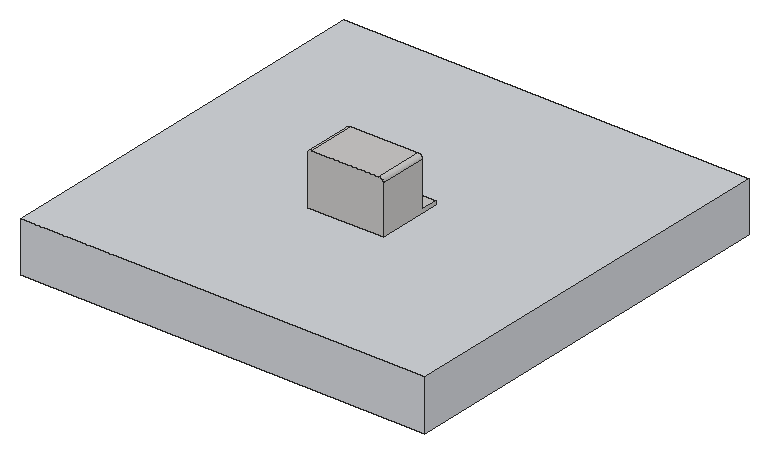
Revit family
Parameters (values of type "1655FA")
  Waste Connection = yes
  Voltage = 0
  Vent Connection = no
  VAC - AcornVac System = no
  URL = "http://www.acorneng.com"
  Type Comments = ""
  Tempered Water Connection = no
  TH - Single Towel Hook on Left or Right = no
  TH - Double Towel Hook on Left or Right = no
  TG - 12 Gage Cabinet = no
  TF - Transformer (for up to 12 solenoids) = no
  TB - Toothbrush Holder (Left or Right) = no
  SW - Wall Sleeve = no
  Revised Date = "23/10/12"
  Phone # = "626-336-4561"
  PBH - Hemispherical Pushbutton = no
  OF - Lavatory Overflow = no
  Model = "1655FA"
  Material = Type 304 Stainless Steel
  Manufacturer = "Acorn Engineering"
  MVC2-BAT - Time-Trol - Hot & Cold - Battery Operation = no
  MVC2 - Time-Trol - Hot & Cold = no
  MVC1-BAT - Time-Trol - Single Temp - Battery Operation = no
  MVC1 - Time-Trol - Single Temp = no
  MH - Metering, Hot Side only = no
  M - Metering = no
  LWE - Lavy Waste Extension (3" Standard) Specify Length Beyond Fixture = no
  LF - Lav-Filler = no
  IS - Integral Shelf = no
  HW Connection = yes
  FMT - Fixture Mounted Trim = no
  EVSP2 - Electronic Valve System w/ Piezo Pushbuttons = no
  EVSP1 - Electronic Valve System w/ Piezo Pushbutton = no
  EVS2 - Electronic Valve System - Hot & Cold = no
  EVS1 - Electronic Valve System - Single Temp = no
  EG - Enviro-Glaze, Specify Color = no
  Designed By = "ATS BIM Team"
  Description = "18\" Rectangular Lavatory with Oval Bowl - Front Access"
  Default Elevation = 32 1/2"
  CW Connection = yes
  CI - Cycle Interrupt for Time-Trol Valves = no
  BPH - Hemispherical Penal Bubbler = no
  BP - Bubbler, Penal = no
  BC - Bubbler, Code = no
  Assembly Code = ""
  Amperage = 0
  9 - Punched for Valve by Others (Specify Punching) = no
  4 - Air-Control, H&C, Non-Metering = no
  3 - Air-Control, Single Temp, Non-Metering = no
Reference planes (in)
  plane 1 "Center (Front/Back)": y = 0
  plane 2: z = 0
  plane 3 "Center (Left/Right)": x = 0
  plane 4: z = 12.5
  plane 5: x = 9
  plane 6: x = -9
  plane 7: x = -1.5
  plane 8: y = 4
  plane 9: y = -11.5
  plane 10: y = -4.75
  plane 11: y = -9.5
  plane 12: y = -6.5
  plane 13: x = 4.5
Forms (in)
  Extrusion 1, solid
    sketch origin (0, 0, 0) x (1, 0, 0) y (0, 1, 0)
      loop
        line (-48, 48) -> (-48, -48) -> (48, -48) -> (48, 48) -> (-48, 48)
    from 0 to -12
  Extrusion 2, solid, material "Type 304 Stainless Steel" <- "Material"
    sketch origin (0, 0, 0) x (1, 0, 0) y (0, 0, 1)
      loop
        line (8, 12.5) -> (-8, 12.5)
        arc (-8, 12.5) -> (-8.70711, 12.20711) -> (-9, 11.5) r 1
        line (-9, 11.5) -> (-9, 0) -> (9, 0) -> (9, 11.5)
        arc (9, 11.5) -> (8.70711, 12.20711) -> (8, 12.5) r 1
    from 0 to 11.5
  Extrusion 3, solid, material "Type 304 Stainless Steel" <- "Material"
    sketch origin (0, 0, 0) x (1, 0, 0) y (0, 0, 1)
      loop
        line (9, 0) -> (9, 1) -> (-9, 1) -> (-9, 0) -> (9, 0)
    from 0 to -4
  Extrusion 4, void
    sketch origin (0, 0, 0.25) x (1, 0, 0) y (0, 0, 1)
      loop
        spline (-8.2, 6.33947) -> (-7.92059, 4.98067) -> (-7.10141, 3.71447) -> (-5.79828, 2.62716) -> (-4.1, 1.79284) -> (-2.12232, 1.26836) -> (0, 1.08947) -> (2.12232, 1.26836) -> (4.1, 1.79284) -> (5.79828, 2.62716) -> (7.10141, 3.71447) -> (7.92059, 4.98067) -> (8.2, 6.33947)
        spline (8.2, 6.33947) -> (7.92059, 7.69827) -> (7.10141, 8.96447) -> (5.79828, 10.05178) -> (4.1, 10.88611) -> (2.12232, 11.41058) -> (0, 11.58947) -> (-2.12232, 11.41058) -> (-4.1, 10.88611) -> (-5.79828, 10.05178) -> (-7.10141, 8.96447) -> (-7.92059, 7.69827) -> (-8.2, 6.33947)
    from 0 to 3.57866
  Extrusion 5, solid
    sketch origin (1.5, 3.5, 0) x (1, 0, 0) y (0, 1, 0)
      loop
        circle (3, -13) r 0.84375
      loop
        circle (3, -10) r 0.84375
    from 0 to 0.01563
  Extrusion 6, void
    sketch origin (0, -3.57866, 0) x (1, 0, 0) y (0, 0, 1)
      loop
        circle (0, 3.92921) r 0.75
    from 0 to 0.25
  Extrusion 7, solid
    sketch origin (0, 0, 0) x (1, 0, 0) y (0, 1, 0)
      loop
        circle (0, -4.75) r 0.75
    from 0 to -3
Cuts and joins
  Extrusion 4, Extrusion 6 cuts Extrusion 2
  Extrusion 6 cuts Extrusion 3
  joined: Extrusion 2, Extrusion 3
Dimensions and locks (in)
  plane 2 to plane 4 = 12 1/2"
  plane 5 to plane 6 = 18"
  plane 7 to plane 3 "Center (Left/Right)" = 1 1/2"
  plane 8 to plane 1 "Center (Front/Back)" to plane 9 = 4", 11 1/2"
  aligned and locked: plane 2 to Extrusion 1
  aligned and locked: level to Extrusion 1
Connectors (in)
  piping at (4.5, -9.5, 0)
    settings: on Extrusion 5, index 2
  piping at (4.5, -6.5, 0)
    settings: on Extrusion 5, index 3
  piping at (0, -4.75, -3)
    settings: on Extrusion 7, index 4
